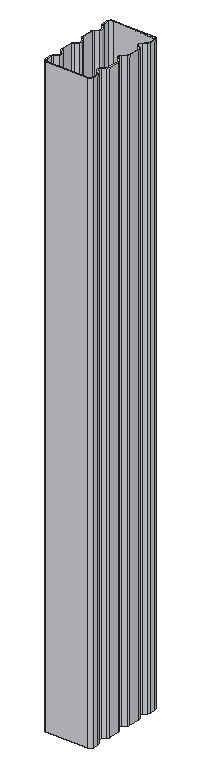
Revit family "SC_TubestOne", category Structural Columns, Revit 2022
Family settings
  Section Shape = Not Defined
  Material for Model Behavior = Steel
  Always export as geometry = No
  Beam cutback in plan = From bounding box
  Cut with Voids When Loaded = No
  Symbolic Representation = From Project Settings
  Shared = No
  Show family pre-cut in plan views = Yes
Parameters (values of type "TUBEST O 350x200x4")
  e = 4 mm
  Structural Material [instance] = ASTM A36
  h2 = 25 mm
  B = 200 mm
  D = 20 mm
  Assembly Code = ""
  H = 350 mm
  R = 10 mm
Types (10, lengths in mm): name | e | B | H
  TUBEST O 500x200x5 | 5 | 200 | 500
  TUBEST O 300x150x4 | 4 | 150 | 300
  TUBEST O 300x200x4 | 4 | 200 | 300
  TUBEST O 350x150x4 | 4 | 150 | 350
  TUBEST O 350x200x4 | 4 | 200 | 350
  TUBEST O 400x150x4 | 4 | 150 | 400
  TUBEST O 400x200x4 | 4 | 200 | 400
  TUBEST O 450x150x4 | 4 | 150 | 450
  TUBEST O 450x200x4 | 4 | 200 | 450
  TUBEST O 500x200x4 | 4 | 200 | 500
Reference planes
  plane 1: y = 0
  plane 2: z = 0
  plane 3: x = 0
Forms (mm)
  Sweep 1, solid
    path origin (0, 0, 0) x (1, 0, 0) y (0, 0, -1)
      loop
        line (0, 0) -> (0, -2500)
    profile "TubestOne : TubestOne" origin (0, 0, 1250) x (1, 0, 0) y (0, 1, 0)
      loop
        arc (-100, 31.113) -> (-98.934, 25.755) -> (-95.899, 21.213) r 14
        line (-95.899, 21.213) -> (-81.757, 7.071)
        arc (-81.757, 7.071) -> (-79.59, 3.827) -> (-78.828, 0) r 10
        arc (-78.828, 0) -> (-79.59, -3.827) -> (-81.757, -7.071) r 10
        line (-81.757, -7.071) -> (-95.899, -21.213)
        arc (-95.899, -21.213) -> (-98.934, -25.755) -> (-100, -31.113) r 14
        line (-100, -31.113) -> (-100, -73.775)
        arc (-100, -73.775) -> (-98.934, -79.132) -> (-95.899, -83.674) r 14
        line (-95.899, -83.674) -> (-81.757, -97.816)
        arc (-81.757, -97.816) -> (-78.828, -104.887) -> (-81.757, -111.958) r 10
        line (-81.757, -111.958) -> (-95.899, -126.101)
        arc (-95.899, -126.101) -> (-98.934, -130.642) -> (-100, -136) r 14
        line (-100, -136) -> (-100, -161)
        arc (-100, -161) -> (-95.899, -170.899) -> (-86, -175) r 14
        line (-86, -175) -> (0, -175) -> (86, -175)
        arc (86, -175) -> (95.899, -170.899) -> (100, -161) r 14
        line (100, -161) -> (100, -136)
        arc (100, -136) -> (98.934, -130.642) -> (95.899, -126.101) r 14
        line (95.899, -126.101) -> (81.757, -111.958)
        arc (81.757, -111.958) -> (78.828, -104.887) -> (81.757, -97.816) r 10
        line (81.757, -97.816) -> (95.899, -83.674)
        arc (95.899, -83.674) -> (98.934, -79.132) -> (100, -73.775) r 14
        line (100, -73.775) -> (100, -31.113)
        arc (100, -31.113) -> (98.934, -25.755) -> (95.899, -21.213) r 14
        line (95.899, -21.213) -> (81.757, -7.071)
        arc (81.757, -7.071) -> (79.59, -3.827) -> (78.828, 0) r 10
        arc (78.828, 0) -> (79.59, 3.827) -> (81.757, 7.071) r 10
        line (81.757, 7.071) -> (95.899, 21.213)
        arc (95.899, 21.213) -> (98.934, 25.755) -> (100, 31.113) r 14
        line (100, 31.113) -> (100, 73.775)
        arc (100, 73.775) -> (98.934, 79.132) -> (95.899, 83.674) r 14
        line (95.899, 83.674) -> (81.757, 97.816)
        arc (81.757, 97.816) -> (78.828, 104.887) -> (81.757, 111.958) r 10
        line (81.757, 111.958) -> (95.899, 126.101)
        arc (95.899, 126.101) -> (98.934, 130.642) -> (100, 136) r 14
        line (100, 136) -> (100, 161)
        arc (100, 161) -> (95.899, 170.899) -> (86, 175) r 14
        line (86, 175) -> (0, 175) -> (-86, 175)
        arc (-86, 175) -> (-95.899, 170.899) -> (-100, 161) r 14
        line (-100, 161) -> (-100, 136)
        arc (-100, 136) -> (-98.934, 130.642) -> (-95.899, 126.101) r 14
        line (-95.899, 126.101) -> (-81.757, 111.958)
        arc (-81.757, 111.958) -> (-78.828, 104.887) -> (-81.757, 97.816) r 10
        line (-81.757, 97.816) -> (-95.899, 83.674)
        arc (-95.899, 83.674) -> (-98.934, 79.132) -> (-100, 73.775) r 14
        line (-100, 73.775) -> (-100, 31.113)
      loop
        arc (-96, 31.113) -> (-95.239, 27.286) -> (-93.071, 24.042) r 10
        line (-93.071, 24.042) -> (-78.929, 9.899)
        arc (-78.929, 9.899) -> (-75.894, 5.358) -> (-74.828, 0) r 14
        arc (-74.828, 0) -> (-75.894, -5.358) -> (-78.929, -9.899) r 14
        line (-78.929, -9.899) -> (-93.071, -24.042)
        arc (-93.071, -24.042) -> (-95.239, -27.286) -> (-96, -31.113) r 10
        line (-96, -31.113) -> (-96, -73.775)
        arc (-96, -73.775) -> (-95.239, -77.601) -> (-93.071, -80.846) r 10
        line (-93.071, -80.846) -> (-78.929, -94.988)
        arc (-78.929, -94.988) -> (-74.828, -104.887) -> (-78.929, -114.787) r 14
        line (-78.929, -114.787) -> (-93.071, -128.929)
        arc (-93.071, -128.929) -> (-95.239, -132.173) -> (-96, -136) r 10
        line (-96, -136) -> (-96, -161)
        arc (-96, -161) -> (-93.071, -168.071) -> (-86, -171) r 10
        line (-86, -171) -> (0, -171) -> (86, -171)
        arc (86, -171) -> (93.071, -168.071) -> (96, -161) r 10
        line (96, -161) -> (96, -136)
        arc (96, -136) -> (95.239, -132.173) -> (93.071, -128.929) r 10
        line (93.071, -128.929) -> (78.929, -114.787)
        arc (78.929, -114.787) -> (74.828, -104.887) -> (78.929, -94.988) r 14
        line (78.929, -94.988) -> (93.071, -80.846)
        arc (93.071, -80.846) -> (95.239, -77.601) -> (96, -73.775) r 10
        line (96, -73.775) -> (96, -31.113)
        arc (96, -31.113) -> (95.239, -27.286) -> (93.071, -24.042) r 10
        line (93.071, -24.042) -> (78.929, -9.899)
        arc (78.929, -9.899) -> (75.894, -5.358) -> (74.828, 0) r 14
        arc (74.828, 0) -> (75.894, 5.358) -> (78.929, 9.899) r 14
        line (78.929, 9.899) -> (93.071, 24.042)
        arc (93.071, 24.042) -> (95.239, 27.286) -> (96, 31.113) r 10
        line (96, 31.113) -> (96, 73.775)
        arc (96, 73.775) -> (95.239, 77.601) -> (93.071, 80.846) r 10
        line (93.071, 80.846) -> (78.929, 94.988)
        arc (78.929, 94.988) -> (74.828, 104.887) -> (78.929, 114.787) r 14
        line (78.929, 114.787) -> (93.071, 128.929)
        arc (93.071, 128.929) -> (95.239, 132.173) -> (96, 136) r 10
        line (96, 136) -> (96, 161)
        arc (96, 161) -> (93.071, 168.071) -> (86, 171) r 10
        line (86, 171) -> (0, 171) -> (-86, 171)
        arc (-86, 171) -> (-93.071, 168.071) -> (-96, 161) r 10
        line (-96, 161) -> (-96, 136)
        arc (-96, 136) -> (-95.239, 132.173) -> (-93.071, 128.929) r 10
        line (-93.071, 128.929) -> (-78.929, 114.787)
        arc (-78.929, 114.787) -> (-74.828, 104.887) -> (-78.929, 94.988) r 14
        line (-78.929, 94.988) -> (-93.071, 80.846)
        arc (-93.071, 80.846) -> (-95.239, 77.601) -> (-96, 73.775) r 10
        line (-96, 73.775) -> (-96, 31.113)
Dimensions and locks
  aligned and locked: level to plane 2
Automatic sketch dimensions
  Sweep 1 sketch curve to level = 0 mm  (x2)
  Sweep 1 sketch curve to plane 3 = 0 mm
